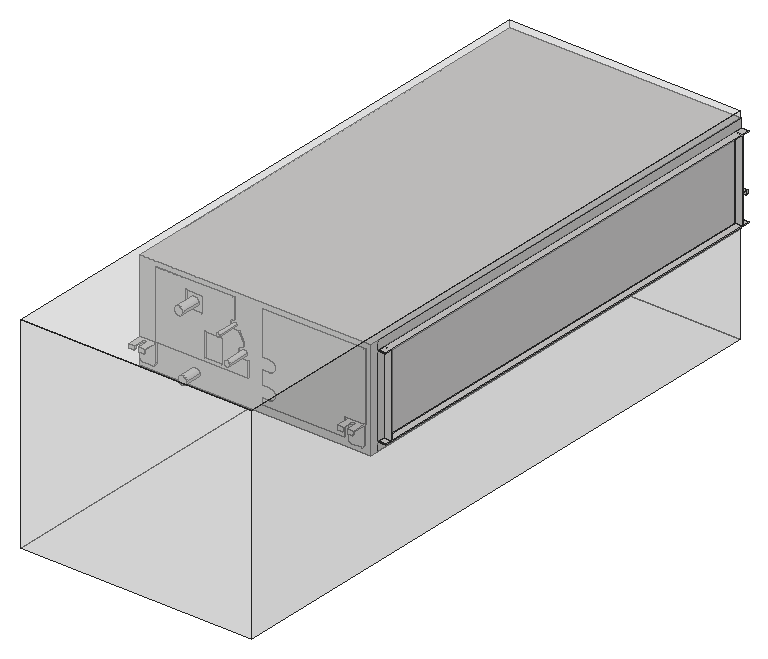
Revit family "outputfile", category 機械設備, Revit 2024
Family settings
  丸型コネクタ寸法 = 半径を使用
  パーツ タイプ = 標準
  OmniClass 番号 = 23.75.10.24.21.27.27
  OmniClass タイトル = Split System Air Conditioning Units
  作業面ベース = いいえ
  常に垂直 = はい
  ロード時にボイドで切り取り = いいえ
  注釈の向きを維持 = いいえ
  共有 = いいえ
  部屋計算ポイント = はい
Parameters (values of type "FDMA125AV1A")
  Description = ""
  製造元 = "Daikin"
  書き出し IFC クラス(タイプ) = "IfcUnitaryEquipmentType"
  定義済み IFC タイプ(タイプ) = "AIRCONDITIONINGUNIT"
  Cost = 0
  モデル = "FDMA125AV1A"
  Type Comments = ""
  Keynote = ""
  Type Image = (empty or 0)
  Assembly Code = ""
  switch_frequency = yes
  r_Liquid Pipe Size = Liquid Pipe Size / 2  # 4.75 mm
  r_Gas Pipe Size = Gas Pipe Size / 2  # 7.95 mm
  r_Drain Pipe Size = Drain Pipe Size / 2  # 12.5 mm
  lw_power = 395.0 mm  # constant formula
  lw_mountinghole1 = if(Depth = 1000.0 mm, 27.0 mm, if(Depth = 1400.0 mm, 28.0 mm, 27.0 mm))  # 28.0 mm
  lh_SA = 165.0 mm  # constant formula
  lw_SA = if(Depth = 550.0 mm, 225.0 mm, if(Depth = 700.0 mm, 300.0 mm, if(Depth = 1000.0 mm, 435.0 mm, if(Depth = 1400.0 mm, 635.0 mm, 725.0 mm))))  # 635.0 mm
  lw_RA = if(Depth = 550.0 mm, 275.0 mm, if(Depth = 700.0 mm, 349.0 mm, if(Depth = 1000.0 mm, 513.0 mm, if(Depth = 1400.0 mm, 713.0 mm, 775.0 mm))))  # 713.0 mm
  lh_power = 60.0 mm + [h***]  # 60.0 mm
  lh_mountinghole1 = lh_mountinghole + [h***]  # 80.0 mm
  lh_RA = 150.0 mm  # constant formula
  ld_power = Depth / 2  # 700.0 mm
  connector_voltage = Voltage_50Hz  # 230 V
  connector_powerinput = [Power Input (Cooling)]  # 3.770 kW
  connector_phase = Phase_50Hz  # 1
  Voltage_comment_50Hz = "220 - 240"
  Voltage_50Hz = 230 V
  URL = ""
  Total Heating Capacity [instance] = 0.000 kW
  Supply Air Direction [instance] = yes
  Sound Power Level_H speed (dB) = 57
  Power Input (Heating) = 4.050 kW
  Phase_50Hz = 1
  Nominal Heating Capacity = 15.000 kW
  Minimum External Static Pressure = 50.00 Pa
  Minimum Circuit Amps_50Hz = 0.0 A
  Maximum Fuse Amps_50Hz = 0.0 A
  Maximum External Static Pressure = 200.00 Pa
  Material_Casing = DAIKIN_GalvanizedSteel_Casing_indoorunit
  lw_mountinghole = 631.0 mm  # constant formula
  lh_gaspipe = 144.0 mm + [h***]  # 144.0 mm
  lh_mountinghole = 80.0 mm  # constant formula
  lh_liquidpipe = 212.0 mm + [h***]  # 212.0 mm
  lh_drainpipe = 232.0 mm + [h***]  # 232.0 mm
  lh_antena = Height - lh_mountinghole + 1.0 mm  # 221.0 mm
  ld_drainpipe = Depth / 2 + 59.0 mm  # 759.0 mm
  ld_liquidpipe = Depth / 2 + 65.0 mm  # 765.0 mm
  ld_gaspipe = Depth / 2 + 65.0 mm  # 765.0 mm
  ld_mountinghole = Depth + 38.0 mm  # 1438.0 mm
  h*** = 0.0 mm  # constant formula
  lw_liquidpipe = 290.0 mm  # constant formula
  lw_gaspipe = 290.0 mm + 28.0 mm  # 318.0 mm
  lw_drainpipe = 167.0 mm  # constant formula
  Width = 700.0 mm
  Version = "ver.1.0"
  Unit Type = "Duct"
  Unit Mass Weight = 95.00 kg
  Unit Designation [instance] = ""
  Uniclass2015Version = "Products v1.30"
  Uniclass2015Title = "Split coil room air conditioning units"
  Uniclass2015Code = "Pr_70_65_03_86"
  Total Cooling Capacity [instance] = 0.000 kW
  Sound Pressure Level_M speed (dBA) = 38
  Sound Pressure Level_L speed (dBA) = 36
  Sound Pressure Level_H speed (dBA) = 40
  Series = "SkyAir_Fan Coil Unit"
  Sensible Cooling Capacity [instance] = 0.000 kW
  SA Duct Size Width = 1160.0 mm
  SA Duct Size Height = 215.0 mm
  Refrigerant Type = "R32"
  RA Duct Size Width = 1325.0 mm
  RA Duct Size Height = 247.0 mm
  Power Input (Cooling) = 3.770 kW
  Option Accessory 3 [instance] = ""
  Option Accessory 2 [instance] = ""
  Option Accessory 1 [instance] = ""
  Nominal Cooling Capacity = 12.500 kW
  Minimum Airflow = 1680.00 m³/h
  Median Airflow = 2010.00 m³/h
  Maximum Airflow = 2340.00 m³/h
  Load Classification = HVAC
  Liquid Pipe Size = 9.5 mm
  Link_Nested Family [instance] = ""
  IfcVersion = ""
  IfcExportType = "AIRCONDITIONINGUNIT"
  IfcExportAs = "IfcUnitaryEquipmentType"
  Height = 300.0 mm
  Heating Entering Wet Bulb Temperature [instance] = -273.15 °C
  Heating Entering Dry Bulb Temperature [instance] = -273.15 °C
  Heating Ambient Wet Bulb Temperature [instance] = -273.15 °C
  Heating Ambient Dry Bulb Temperature [instance] = -273.15 °C
  Heat Exchanger Type = "Cross Fin Coil"
  Gas Pipe Size = 15.9 mm
  Frequency_50Hz = 50 Hz
  Fan Type = "Sirocco Fan"
  Fan Drive = "-"
  FCU Tag No. [instance] = ""
  Drain Pipe Size = 25.0 mm
  Design Supply Airflow [instance] = 0.00 m³/h
  Design Return Airflow [instance] = 0.00 m³/h
  Design External Static Pressure [instance] = 0.00 Pa
  Depth = 1400.0 mm
  既定の高さ = 0.0 mm
  Cooling Entering Wet Bulb Temperature [instance] = 0.00 °C
  Cooling Entering Dry Bulb Temperature [instance] = 0.00 °C
  Cooling Ambient Wet Bulb Temperature [instance] = 0.00 °C
  Cooling Ambient Dry Bulb Temperature [instance] = 0.00 °C
  Clearance visibility [instance] = yes
  Clearance Top = 20.0 mm
  Clearance Right = 0.0 mm
  Clearance Rear = 0.0 mm
  Clearance Left = 0.0 mm
  Clearance Front = 450.0 mm
  Clearance Bottom = 300.0 mm
Reference planes
  plane 1 "Center (Front/Back)": y = 0
  plane 2 "h": z = 0
  plane 3 "Center (Left/Right)": x = 0
  plane 4 "Back": y = 700
  plane 5 "Front": y = -700
  plane 6 "Left": x = -350
  plane 7 "Right": x = 350
  plane 8 "Top": z = 0
  plane 9 "Bottom": z = -300
  plane 10: y = -215
  plane 11: y = 700
  plane 12: y = -1150
  plane 13: x = -350
  plane 14: x = 350
  plane 15: z = 20
  plane 16: z = -600
  plane 17: x = -350
  plane 18: x = -349
  plane 19: x = 349
  plane 20: y = 65
  plane 21: y = 13
  plane 22: z = -150
  plane 23: y = -701
  plane 24: z = -88
  plane 25: x = -60
  plane 26: y = -765
  plane 27: z = -156
  plane 28: x = -32
  plane 29: y = -759
  plane 30: z = -68
  plane 31: x = -183
  plane 32: x = -183
  plane 33: x = -60
  plane 34: x = -32
  plane 35: x = 45
  plane 36: x = -322
  plane 37: x = 309
  plane 38: y = -719
  plane 39: y = 719
  plane 40: z = -220
  plane 41: z = -135
  plane 42: y = -765
  plane 43: y = -376
  plane 44: y = -699
  plane 45: x = -373
  plane 46: x = 373
  plane 47: y = -749
Forms (mm)
  Extrusion 1, solid, material "DAIKIN_GalvanizedSteel_Casing_indoorunit" <- "Material_Casing"
    sketch origin (0, 0, 0) x (1, 0, 0) y (0, 1, 0)
      loop
        line (-349, 700) -> (-349, -700) -> (349, -700) -> (349, 700) -> (-349, 700)
    from -300 to 0
  Extrusion 2, solid, material "DAIKIN_GalvanizedSteel_Casing_indoorunit" <- "Material_Casing"
    sketch origin (0, 0, 0) x (1, 0, 0) y (0, 0, 1)
      loop
        line (-298.499, -219) -> (-20, -219) -> (-20, -172.5) -> (-37.831, -172.5)
        arc (-37.831, -172.5) -> (-49.389, -154.034) -> (-34, -138.615) r 17.5
        line (-34, -138.615) -> (-34, -127.5) -> (-47, -100.5) -> (-63.571, -100.5)
        arc (-63.571, -100.5) -> (-72.874, -86.197) -> (-60, -75) r 13
        line (-60, -75) -> (-60, -14) -> (-298.499, -14) -> (-298.499, -219)
      loop
        line (-158.5, -43.5) -> (-207.5, -43.5) -> (-207.5, -92.5) -> (-158.5, -92.5) -> (-158.5, -43.5)
      loop
        line (-150.563, -137.796) -> (-150.563, -209.857) -> (-96.517, -209.857) -> (-96.517, -137.796) -> (-150.563, -137.796)
    from 700 to 701
  Extrusion 3, solid, material "DAIKIN_GalvanizedSteel_Casing_indoorunit" <- "Material_Casing"
    sketch origin (0, 0, 0) x (1, 0, 0) y (0, 0, 1)
      loop
        line (23.104, -274.802) -> (272.104, -274.802) -> (272.104, -219.802) -> (335, -219.802) -> (335, -15.8) -> (23.104, -15.8) -> (23.104, -146.302) -> (46.104, -146.302)
        arc (46.104, -146.302) -> (63.604, -163.802) -> (46.104, -181.302) r 17.5
        line (46.104, -181.302) -> (23.104, -181.302) -> (23.104, -222.302) -> (46.104, -222.302)
        arc (46.104, -222.302) -> (63.604, -239.802) -> (46.104, -257.302) r 17.5
        line (46.104, -257.302) -> (23.104, -257.302) -> (23.104, -274.802)
    from 700 to 701
  Extrusion 4, solid, material "DAIKIN_GalvanizedSteel_Casing_indoorunit" <- "Material_Casing"
    sketch origin (0, 0, 0) x (1, 0, 0) y (0, 0, 1)
      loop
        circle (-60, -88) r 4.75
    from 700 to 765
  Extrusion 5, solid, material "DAIKIN_GalvanizedSteel_Casing_indoorunit" <- "Material_Casing"
    sketch origin (0, 0, 0) x (1, 0, 0) y (0, 0, 1)
      loop
        circle (-32, -156) r 7.95
    from 700 to 765
  Extrusion 6, solid, material "DAIKIN_GalvanizedSteel_Casing_indoorunit" <- "Material_Casing"
    sketch origin (0, 0, 0) x (1, 0, 0) y (0, 0, 1)
      loop
        circle (-183, -68) r 12.5
    from 700 to 759
  Extrusion 7, solid, material "DAIKIN_GalvanizedSteel_Casing_indoorunit" <- "Material_Casing"
    sketch origin (0, 0, 0) x (1, 0, 0) y (0, 0, 1)
      loop
        circle (-180, -260) r 12.5
    from 700 to 749
Dimensions and locks
  "Height": plane 8 "Top" to plane 9 "Bottom"
  equal spacing: plane 4 "Back", plane 1 "Center (Front/Back)", plane 5 "Front"
  "Depth": plane 4 "Back" to plane 5 "Front"
  equal spacing: plane 6 "Left", plane 3 "Center (Left/Right)", plane 7 "Right"
  "Width": plane 6 "Left" to plane 7 "Right"
  "Clearance Left": plane 13 to plane 6 "Left"
  "Clearance Right": plane 7 "Right" to plane 14
  "Clearance Rear": plane 11 to plane 4 "Back"
  "Clearance Front": plane 5 "Front" to plane 12
  "Clearance Top": plane 15 to plane 8 "Top"
  "Clearance Bottom": plane 9 "Bottom" to plane 16
  locked: plane 17 to plane 18 at 1
  locked: plane 19 to plane 14 at 1
  "lw_RA": plane 21 to plane 5 "Front"
  "lh_RA": plane 22 to plane 9 "Bottom"
  locked: plane 5 "Front" to plane 23 at 1
  "lw_liquidpipe": plane 25 to plane 6 "Left"
  "lh_liquidpipe": plane 24 to plane 9 "Bottom"
  "lh_gaspipe": plane 27 to plane 9 "Bottom"
  "lw_gaspipe": plane 28 to plane 6 "Left"
  "ld_gaspipe": plane 26 to plane 1 "Center (Front/Back)"
  "ld_drainpipe": plane 29 to plane 1 "Center (Front/Back)"
  "lh_drainpipe": plane 30 to plane 9 "Bottom"
  "lw_drainpipe": plane 31 to plane 6 "Left"
  "lw_drainpipe": plane 6 "Left" to plane 32
  "lw_liquidpipe": plane 6 "Left" to plane 33
  "lw_gaspipe": plane 6 "Left" to plane 34
  "lw_power": plane 6 "Left" to plane 35
  "lw_mountinghole1": plane 17 to plane 36
  "lw_mountinghole": plane 36 to plane 37
  equal spacing: plane 38, plane 1 "Center (Front/Back)", plane 39
  "ld_mountinghole": plane 39 to plane 38
  "lh_mountinghole": plane 40 to plane 9 "Bottom"
  "lh_SA": plane 41 to plane 9 "Bottom"
  locked: plane 44 to plane 5 "Front" at 1
  locked: plane 45 to plane 17 at 23
  locked: plane 14 to plane 46 at 23
  "ld_liquidpipe": plane 42 to plane 1 "Center (Front/Back)"
  locked: Extrusion 7 sketch curve to plane 18 at 169
  locked: Extrusion 7 sketch curve to plane 9 "Bottom" at 40
  locked: Extrusion 2 sketch curve to Extrusion 2 sketch curve at 205
  locked: Extrusion 2 sketch curve to Extrusion 2 sketch curve at 86.5
  locked: Extrusion 2 sketch curve to Extrusion 2 sketch curve at 72
  locked: Extrusion 2 sketch curve to Extrusion 2 sketch curve at 49  (x2)
  locked: Extrusion 2 sketch curve to Extrusion 2 sketch curve at 29.5
  locked: Extrusion 2 sketch curve to Extrusion 2 sketch curve at 72.061
  locked: Extrusion 2 sketch curve to Extrusion 2 sketch curve at 54.046
  locked: Extrusion 2 sketch curve to Extrusion 2 sketch curve at 98.5
  Extrusion 2 sketch curve to connector elem = 40.0 mm
  locked: Extrusion 2 sketch curve to Extrusion 2 sketch curve at 9.143
  locked: Extrusion 2 sketch curve to plane 18 at 50.501
  locked: plane 5 "Front" to plane 47 at 49
  "lw_SA": plane 4 "Back" to plane 20
  "r_Liquid Pipe Size": radius of Extrusion 4 sketch curve
  "r_Gas Pipe Size": radius of Extrusion 5 sketch curve
  "r_Drain Pipe Size": radius of Extrusion 6 sketch curve
  aligned and locked: level to plane 2 "h"
  aligned and locked: plane 8 "Top" to Extrusion 1
  aligned and locked: Extrusion 1 to plane 9 "Bottom"
  aligned and locked: nested 5 to plane 12
  aligned and locked: plane 13 to nested 5
  aligned and locked: plane 14 to nested 5
  aligned and locked: nested 5 to plane 13
  aligned and locked: plane 11 to nested 5
  aligned and locked: plane 15 to nested 5
  aligned and locked: plane 16 to nested 5
  aligned and locked: plane 5 "Front" to Extrusion 1 sketch curve
  aligned and locked: Extrusion 1 to plane 18
  aligned and locked: plane 19 to Extrusion 1
  aligned and locked: nested 7 to plane 18
  aligned and locked: nested 7 to plane 20
  aligned and locked: plane 19 to nested 8
  aligned and locked: plane 21 to nested 8
  aligned and locked: plane 22 to nested 8
  aligned and locked: Extrusion 2 to plane 23
  aligned and locked: plane 5 "Front" to Extrusion 2
  aligned and locked: plane 5 "Front" to Extrusion 3
  aligned and locked: Extrusion 4 sketch curve to plane 25
  aligned and locked: plane 24 to Extrusion 4 sketch curve
  aligned and locked: plane 5 "Front" to Extrusion 4
  aligned and locked: Extrusion 5 sketch curve to plane 28
  aligned and locked: plane 27 to Extrusion 5 sketch curve
  aligned and locked: plane 5 "Front" to Extrusion 5
  aligned and locked: Extrusion 6 sketch curve to plane 31
  aligned and locked: Extrusion 6 sketch curve to plane 30
  aligned and locked: Extrusion 6 to plane 29
  aligned and locked: nested 3 to plane 29
  aligned and locked: nested 3 to plane 32
  aligned and locked: nested 2 to plane 33
  aligned and locked: nested 1 to plane 34
  aligned and locked: Extrusion 5 to plane 26
  aligned and locked: nested 1 to plane 26
  aligned and locked: nested 6 to plane 5 "Front"
  aligned and locked: nested 6 to plane 35
  aligned and locked: plane 36 to nested 10
  aligned and locked: nested 10 to plane 5 "Front"
  aligned and locked: plane 37 to nested 9
  aligned and locked: nested 9 to plane 5 "Front"
  aligned and locked: nested 11 to plane 36
  aligned and locked: plane 4 "Back" to nested 11
  aligned and locked: nested 12 to plane 37
  aligned and locked: plane 4 "Back" to nested 12
  aligned and locked: plane 40 to nested 10
  aligned and locked: plane 40 to nested 11
  aligned and locked: plane 40 to nested 9
  aligned and locked: plane 40 to nested 12
  aligned and locked: plane 36 to nested 14
  aligned and locked: nested 14 to plane 39
  aligned and locked: plane 37 to nested 13
  aligned and locked: nested 13 to plane 39
  aligned and locked: plane 37 to nested 16
  aligned and locked: plane 38 to nested 16
  aligned and locked: plane 38 to nested 15
  aligned and locked: plane 36 to nested 15
  aligned and locked: plane 17 to plane 6 "Left"
  aligned and locked: plane 41 to nested 7
  aligned and locked: Extrusion 4 to plane 42
  aligned and locked: nested 2 to plane 42
  aligned and locked: Extrusion 3 to plane 23
  aligned and locked: nested 17 to plane 20
  aligned and locked: nested 17 to plane 45
  aligned and locked: plane 21 to nested 18
  aligned and locked: plane 46 to nested 18
  aligned and locked: plane 41 to nested 17
  aligned and locked: nested 18 to plane 22
  aligned and locked: nested 4 to plane 3 "Center (Left/Right)"
  aligned and locked: plane 1 "Center (Front/Back)" to nested 4
  aligned and locked: level to plane 8 "Top"
  aligned and locked: plane 5 "Front" to Extrusion 6
  aligned and locked: plane 5 "Front" to Extrusion 7
  aligned and locked: Extrusion 7 to plane 47
Automatic sketch dimensions
  plane 6 "Left" to Extrusion 1 sketch curve = 1.0 mm
  Extrusion 1 sketch curve to plane 7 "Right" = 1.0 mm
  Extrusion 1 sketch curve to plane 4 "Back" = 0.0 mm
  Extrusion 2 sketch curve to Extrusion 2 sketch curve = 13.0 mm
  Extrusion 2 sketch curve to Extrusion 2 sketch curve = 16.571 mm
  plane 41 to Extrusion 2 sketch curve = 7.5 mm
  Extrusion 2 sketch curve to plane 41 = 3.615 mm
  Extrusion 2 sketch curve to Extrusion 2 sketch curve = 2.0 mm
  Extrusion 2 sketch curve to Extrusion 2 sketch curve = 5.831 mm
  plane 40 to Extrusion 2 sketch curve = 1.0 mm
  Extrusion 2 sketch curve to Extrusion 2 sketch curve = 12.5 mm
  Extrusion 2 sketch curve to plane 33 = 90.563 mm
  plane 3 "Center (Left/Right)" to Extrusion 3 sketch curve = 23.104 mm
  Extrusion 3 sketch curve to level = 15.8 mm
  Extrusion 3 sketch curve to plane 19 = 14.0 mm
  plane 40 to Extrusion 3 sketch curve = 0.198 mm
  Extrusion 3 sketch curve to plane 37 = 36.896 mm
  plane 9 "Bottom" to Extrusion 3 sketch curve = 25.198 mm  (x2)
  Extrusion 2 sketch curve to plane 33 = 147.5 mm
  Extrusion 2 sketch curve to Extrusion 2 sketch curve = 17.831 mm
  plane 35 to Extrusion 3 sketch curve = 1.104 mm  (x2)
  plane 22 to Extrusion 3 sketch curve = 3.698 mm
  Extrusion 3 sketch curve to plane 40 = 2.302 mm
  Extrusion 3 sketch curve to Extrusion 3 sketch curve = 17.5 mm
  Extrusion 3 sketch curve to plane 22 = 31.302 mm
  Extrusion 3 sketch curve to plane 35 = 21.896 mm
  Extrusion 3 sketch curve to Extrusion 3 sketch curve = 0.0 mm
  radius of Extrusion 7 sketch curve = 12.5 mm
Nested families
  nested 1: "daikin_connector_rotate2" at (-32, 0, -156), length <- "ld_gaspipe", built-in parameter 1001364 <- "lh_gaspipe", radius <- "r_Gas Pipe Size", type "daikin_connector_rotate2"
    with radius 7.95 mm, length 765.0 mm, angle_vertical 90.00°
  nested 2: "daikin_connector_rotate2" at (-60, 0, -88), length <- "ld_liquidpipe", built-in parameter 1001364 <- "lh_liquidpipe", radius <- "r_Liquid Pipe Size", type "daikin_connector_rotate2"
    with radius 4.75 mm, length 765.0 mm, angle_vertical 90.00°
  nested 3: "daikin_connector_rotate2" at (-183, 0, -68), length <- "ld_drainpipe", built-in parameter 1001364 <- "lh_drainpipe", radius <- "r_Drain Pipe Size", type "daikin_connector_rotate2"
    with radius 12.5 mm, length 759.0 mm, angle_vertical 90.00°
  nested 4: "daikin_△_symbolicline" at (0, 0, 300) x (0, -1, 0) z (0, 0, 1), built-in parameter 1001364 <- "Height", visible <- "Supply Air Direction", type "daikin_△_symbolicline"
    with length 200.0 mm
  nested 5: "daikin_clearancespace" at (0, -225, -289.881), visible <- "Clearance visibility", show <- "Clearance visibility", Link_Nested Family <- "Link_Nested Family", type "daikin_clearancespace"
    with width 700.0 mm, show yes, height 620.0 mm, depth 1850.0 mm, Link_Nested Family ""
  nested 6: "daikin_connector_rotate2" at (45, 0, -240), built-in parameter 1001364 <- "lh_power", length <- "ld_power", type "daikin_connector_rotate2"
    with radius 10.0 mm, length 700.0 mm, angle_vertical 90.00°
  nested 7: "daikin_ductflange_FDMA-AV1A2" at (-349, 65, -135) x (0, -1, 0) z (0, 0, 1), type "daikin_ductflange_FDMA-AV1A2"
    with width 1160.0 mm, w 1400.0 mm
  nested 8: "daikin_ductflange_FDMA-AV1A" at (349, 13, -150) x (0, 1, 0) z (0, 0, 1), type "daikin_ductflange_FDMA-AV1A"
    with width 1325.0 mm, w 1400.0 mm
  nested 9: "daikin_hangerfixture_FDMA-AV1A" at (309, -700, -220), type "daikin_hangerfixture_FDMA-AV1A"
  nested 10: "daikin_hangerfixture_FDMA-AV1A" at (-322, -700, -220), type "daikin_hangerfixture_FDMA-AV1A"
  nested 11: "daikin_hangerfixture_FDMA-AV1A" at (-322, 700, -220) x (-1, 0, 0) z (0, 0, 1), type "daikin_hangerfixture_FDMA-AV1A"
  nested 12: "daikin_hangerfixture_FDMA-AV1A" at (309, 700, -220) x (-1, 0, 0) z (0, 0, 1), type "daikin_hangerfixture_FDMA-AV1A"
  nested 13: "daikin_mountinghole" at (309, 719, -300), h_mountinghole <- "lh_mountinghole1", l_antenna <- "lh_antena", Link_Nested Family <- "Link_Nested Family", type "daikin_mountinghole"
    with show yes, l_antenna 221.0 mm, h_mountinghole 80.0 mm, Link_Nested Family ""
  nested 14: "daikin_mountinghole" at (-322, 719, -300), h_mountinghole <- "lh_mountinghole1", l_antenna <- "lh_antena", Link_Nested Family <- "Link_Nested Family", type "daikin_mountinghole"
    with show yes, l_antenna 221.0 mm, h_mountinghole 80.0 mm, Link_Nested Family ""
  nested 15: "daikin_mountinghole" at (-322, -719, -300), h_mountinghole <- "lh_mountinghole1", l_antenna <- "lh_antena", Link_Nested Family <- "Link_Nested Family", type "daikin_mountinghole"
    with show yes, l_antenna 221.0 mm, h_mountinghole 80.0 mm, Link_Nested Family ""
  nested 16: "daikin_mountinghole" at (309, -719, -300), h_mountinghole <- "lh_mountinghole1", l_antenna <- "lh_antena", Link_Nested Family <- "Link_Nested Family", type "daikin_mountinghole"
    with show yes, l_antenna 221.0 mm, h_mountinghole 80.0 mm, Link_Nested Family ""
  nested 17: "daikin_connector_rotate2" at (-349, 65, -135) x (0, -1, 0) z (0, 0, 1), type "daikin_connector_rotate2"
    with radius 10.0 mm, length 24.0 mm, angle_vertical 90.00°
  nested 18: "daikin_connector_rotate2" at (349, 13, -150) x (0, 1, 0) z (0, 0, 1), type "daikin_connector_rotate2"
    with radius 10.0 mm, length 24.0 mm, angle_vertical 90.00°
Connectors
  piping at (-183, -759, -68), diameter 25, driven by "r_Drain Pipe Size"
    settings: on nested 3, index 3, connector inside diameter 609.6 mm, connector length 0.0 mm, flow factor 0, pipe flow 0.00 m³/h, pressure drop 0.0 Pa, fitting loss kfactor 0, connector angle 0.00°, fixture units 0, engagement length 0.0 mm, angle of deflection 0.00°, flow configuration 1, flow direction 2, fitting loss method 4, system type 16, joint type 0, gender type 0, connector reference index -1, connector utility 0, adjustable connector no, is connector primary yes, connector description "Condensate Drain Piping"
  piping at (-32, -765, -156), diameter 15.9, driven by "r_Gas Pipe Size"
    settings: on nested 1, index 4, connector inside diameter 609.6 mm, connector length 0.0 mm, flow factor 0, pipe flow 0.00 m³/h, pressure drop 0.0 Pa, fitting loss kfactor 0, connector angle 0.00°, fixture units 0, engagement length 0.0 mm, angle of deflection 0.00°, flow configuration 1, flow direction 2, fitting loss method 0, system type 29, joint type 0, gender type 0, connector reference index -1, connector utility 0, adjustable connector no, is connector primary no, connector description "Refrigerant Gas Piping"
  piping at (-60, -765, -88), diameter 9.5, driven by "r_Liquid Pipe Size"
    settings: on nested 2, index 5, connector inside diameter 609.6 mm, connector length 0.0 mm, flow factor 0, pipe flow 0.00 m³/h, pressure drop 0.0 Pa, fitting loss kfactor 0, connector angle 0.00°, fixture units 0, engagement length 0.0 mm, angle of deflection 0.00°, flow configuration 1, flow direction 1, fitting loss method 0, system type 29, joint type 0, gender type 0, connector reference index -1, connector utility 0, adjustable connector no, is connector primary no, connector description "Refrigerant Liquid Piping"
  electrical at (45, -700, -240), driven by "Load Classification", driven by "connector_phase", driven by "connector_powerinput", driven by "connector_voltage"
    settings: on nested 6, index 6, voltage 230 V, apparent load 3770 VA, apparent load phase1 0 VA, apparent load phase2 0 VA, apparent load phase3 0 VA, power factor 1, load classification "HVAC", number of poles 1, system type 30, power factor state 1, is connector primary yes, connector utility no, sub classification motor no, connector description "Power Supply"
  hvac at (-373, 65, -135), driven by "SA Duct Size Height", driven by "SA Duct Size Width"
    settings: on nested 17, index 7, duct flow 0.00 m³/h, flow factor 0, pres drop 0.00 Pa, loss coef 0, conn angle 0.00°, conn width 1160.0 mm, conn height 215.0 mm, conn diameter 609.6 mm, duct sys type 1, conn prof type 1, flow config 0, flow direction 2, loss method 4, conn ref index -1, conn util no, is conn primary yes, conn desc "SA Duct"
  hvac at (373, 13, -150), driven by "RA Duct Size Height", driven by "RA Duct Size Width"
    settings: on nested 18, index 8, duct flow 0.00 m³/h, flow factor 0, pres drop 0.00 Pa, loss coef 0, conn angle 0.00°, conn width 1325.0 mm, conn height 247.0 mm, conn diameter 609.6 mm, duct sys type 2, conn prof type 1, flow config 0, flow direction 1, loss method 4, conn ref index -1, conn util no, is conn primary no, conn desc "RA Duct"
Definition of nested family "daikin_clearancespace"
  Parameters (values of type "daikin_clearancespace")
    Description = "daikin_clearancespace"
    width [instance] = 1823.963 mm
    show [instance] = yes
    material = none
    height [instance] = 1359.762 mm
    depth [instance] = 880.0 mm
    Default Elevation = 0.0 mm
    Link_Nested Family [instance] = ""
  Reference planes
    plane 1 "Center (Front/Back)": y = 0
    plane 2 "Center (Elevation)": z = -0.119
    plane 3 "Center (Left/Right)": x = 0
    plane 4: y = 440
    plane 5: y = -440
    plane 6 "Right": x = 911.982
    plane 7 "Left": x = -911.982
    plane 8 "Top": z = 679.762
    plane 9 "Bottom": z = -680
  Forms (mm)
    Extrusion 1, solid, material <- "material", visible <- "show"
      sketch origin (0, 0, 0) x (1, 0, 0) y (0, 1, 0)
        loop
          line (-911.982, 440) -> (-911.982, -440) -> (911.982, -440) -> (911.982, 440) -> (-911.982, 440)
      from -680 to 679.762
  Lines and regions (mm)
    symbolic lines, visible <- "show"
      curve 1: line (911.982, 440, 0) -> (-911.982, 440, 0)
      curve 2: line (-911.982, 440, 0) -> (-911.982, -440, 0)
      curve 3: line (-911.982, -440, 0) -> (911.982, -440, 0)
      curve 4: line (911.982, -440, 0) -> (911.982, 440, 0)
      curve 5: line (911.982, 0, 679.762) -> (-911.982, 0, 679.762)
      curve 6: line (911.982, 0, -680) -> (911.982, 0, 679.762)
      curve 7: line (-911.982, 0, -680) -> (911.982, 0, -680)
      curve 8: line (-911.982, 0, 679.762) -> (-911.982, 0, -680)
      curve 9: line (0, 440, 679.762) -> (0, -440, 679.762)
      curve 10: line (0, -440, 679.762) -> (0, -440, -680)
      curve 11: line (0, 440, -680) -> (0, 440, 679.762)
      curve 12: line (0, -440, -680) -> (0, 440, -680)
  Dimensions and locks
    "width": plane 7 "Left" to plane 6 "Right"
    "depth": plane 4 to plane 5
    "height": plane 8 "Top" to plane 9 "Bottom"
    equal spacing: plane 7 "Left", plane 3 "Center (Left/Right)", plane 6 "Right"
    equal spacing: plane 4, plane 1 "Center (Front/Back)", plane 5
    equal spacing: plane 8 "Top", plane 2 "Center (Elevation)", plane 9 "Bottom"
    aligned and locked: level to plane 2 "Center (Elevation)"
    aligned and locked: Extrusion 1 sketch curve to plane 4
    aligned and locked: plane 7 "Left" to Extrusion 1 sketch curve
    aligned and locked: Extrusion 1 sketch curve to plane 5
    aligned and locked: Extrusion 1 sketch curve to plane 6 "Right"
    aligned and locked: plane 8 "Top" to Extrusion 1
    aligned and locked: curve 1 to Extrusion 1
    aligned and locked: curve 2 to Extrusion 1
    aligned and locked: curve 3 to Extrusion 1
    aligned and locked: curve 4 to Extrusion 1
    aligned and locked: curve 5 to Extrusion 1
    aligned and locked: curve 6 to Extrusion 1
    aligned and locked: curve 7 to Extrusion 1
    aligned and locked: curve 8 to Extrusion 1
    aligned and locked: curve 9 to Extrusion 1
    aligned and locked: curve 10 to Extrusion 1
    aligned and locked: curve 11 to Extrusion 1
    aligned and locked: curve 12 to Extrusion 1
    aligned and locked: Extrusion 1 to plane 9 "Bottom"
Definition of nested family "daikin_ductflange_FDMA-AV1A2"
  Parameters (values of type "daikin_ductflange_FBFC-DVM92")
    width = if(w = 550.0 mm, 337.0 mm, if(w = 700.0 mm, 492.0 mm, if(w = 1000.0 mm, 760.0 mm, if(w = 1400.0 mm, 1160.0 mm, 1337.0 mm))))  # 760.0 mm
    material = none
    height = 215.0 mm
    depth = 1.0 mm
    w = 1000.0 mm
    Default Elevation = 0.0 mm
  Reference planes
    plane 1 "Center (Front/Back)": y = 0
    plane 2: z = 0
    plane 3 "Center (Left/Right)": x = 0
    plane 4: z = 107.5
    plane 5: z = -107.5
    plane 6: y = -24
    plane 7: z = 132.5
    plane 8: z = 108.5
    plane 9: y = -1
    plane 10: x = -402.5
    plane 11: x = 402.5
    plane 12: z = -132.5
    plane 13: z = -108.5
    plane 14: y = -1
    plane 15: x = 380
    plane 16: x = -380
    plane 17: x = 381
    plane 18: z = 106.5
    plane 19: z = -106.5
    plane 20: x = -381
    plane 21: z = 106.5
    plane 22: z = -106.5
    plane 23: y = -1
  Forms (mm)
    Extrusion 1, solid, material <- "material"
      sketch origin (0, 0, 0) x (0, 1, 0) y (0, 0, 1)
        loop
          line (-24, 107.5) -> (0, 107.5) -> (0, 132.5) -> (-1, 132.5) -> (-1, 108.5) -> (-24, 108.5) -> (-24, 107.5)
      from -402.5 to 402.5
    Extrusion 2, solid, material <- "material"
      sketch origin (0, 0, 0) x (0, 1, 0) y (0, 0, 1)
        loop
          line (-24, -107.5) -> (-24, -108.5) -> (-1, -108.5) -> (-1, -132.5) -> (0, -132.5) -> (0, -107.5) -> (-24, -107.5)
      from -402.5 to 402.5
    Extrusion 3, solid, material <- "material"
      sketch origin (0, 0, 0) x (1, 0, 0) y (0, 0, 1)
        loop
          line (380, 107.5) -> (380, -107.5) -> (402.5, -107.5) -> (402.5, -106.5) -> (381, -106.5) -> (381, 106.5) -> (402.5, 106.5) -> (402.5, 107.5) -> (380, 107.5)
      from 0 to 24
    Extrusion 4, solid, material <- "material"
      sketch origin (0, 0, 0) x (1, 0, 0) y (0, 0, 1)
        loop
          line (-402.5, 107.5) -> (-402.5, 106.5) -> (-381, 106.5) -> (-381, -106.5) -> (-402.5, -106.5) -> (-402.5, -107.5) -> (-380, -107.5) -> (-380, 107.5) -> (-402.5, 107.5)
      from 0 to 24
    Extrusion 5, solid, material <- "material"
      sketch origin (0, 0, 0) x (1, 0, 0) y (0, 0, 1)
        loop
          line (-402.5, 107.5) -> (-402.5, -107.5) -> (-380, -107.5) -> (-380, 107.5) -> (-402.5, 107.5)
        loop
          line (402.5, 107.5) -> (380, 107.5) -> (380, -107.5) -> (402.5, -107.5) -> (402.5, 107.5)
      from 0 to 1
  Cuts and joins
    joined: Extrusion 1, Extrusion 2, Extrusion 3, Extrusion 4, Extrusion 5
  Dimensions and locks
    plane 4 to level to plane 5 = 107.5 mm, 107.5 mm
    locked: plane 6 to plane 1 "Center (Front/Back)" at 24
    locked: plane 9 to plane 1 "Center (Front/Back)" at 1
    locked: plane 8 to plane 4 at 1
    locked: plane 16 to plane 10 at 22.5
    locked: plane 17 to plane 15 at 1
    locked: plane 4 to plane 18 at 1
    locked: plane 19 to plane 5 at 1
    "width": plane 15 to plane 16
    plane 4 to plane 5 = 215.0 mm
    locked: plane 16 to plane 20 at 1
    locked: plane 4 to plane 21 at 1
    locked: plane 22 to plane 5 at 1
    locked: plane 23 to plane 1 "Center (Front/Back)" at 1
    plane 4 to level to plane 5 = 107.5 mm locked, 107.5 mm locked
    locked: plane 5 to plane 13 at 1
    locked: plane 5 to plane 12 at 25
    locked: plane 7 to plane 4 at 25
    equal spacing: plane 15, plane 3 "Center (Left/Right)", plane 16
    locked: plane 11 to plane 15 at 22.5
    plane 11 to plane 10 = 805.0 mm
    aligned and locked: level to plane 2
    aligned and locked: Extrusion 1 to plane 10
    aligned and locked: plane 11 to Extrusion 1
    aligned and locked: plane 5 to Extrusion 2
    aligned and locked: Extrusion 2 to plane 1 "Center (Front/Back)"
    aligned and locked: plane 15 to Extrusion 3 sketch curve
    aligned and locked: Extrusion 3 sketch curve to Extrusion 2  (x2)
    aligned and locked: Extrusion 3 sketch curve to plane 11
    aligned and locked: plane 6 to Extrusion 3
    aligned and locked: Extrusion 2 to plane 10
    aligned and locked: plane 11 to Extrusion 2
    aligned and locked: Extrusion 4 sketch curve to Extrusion 1  (x2)
    aligned and locked: plane 5 to Extrusion 4 sketch curve
    aligned and locked: Extrusion 4 sketch curve to plane 16
    aligned and locked: Extrusion 4 sketch curve to plane 22
    aligned and locked: plane 20 to Extrusion 4 sketch curve
    aligned and locked: plane 21 to Extrusion 4 sketch curve
    aligned and locked: Extrusion 4 to plane 1 "Center (Front/Back)"
    aligned and locked: plane 6 to Extrusion 4
    aligned and locked: Extrusion 5 sketch curve to Extrusion 1  (x4)
    aligned and locked: Extrusion 5 sketch curve to Extrusion 4  (x2)
    aligned and locked: Extrusion 5 sketch curve to Extrusion 3  (x2)
    aligned and locked: Extrusion 5 to plane 1 "Center (Front/Back)"
    aligned and locked: plane 23 to Extrusion 5
  Automatic sketch dimensions
    Extrusion 1 sketch curve to plane 6 = 0.0 mm
    Extrusion 1 sketch curve to plane 7 = 0.0 mm
    Extrusion 1 sketch curve to plane 9 = 0.0 mm
    Extrusion 1 sketch curve to plane 1 "Center (Front/Back)" = 0.0 mm
    Extrusion 1 sketch curve to plane 4 = 0.0 mm
    Extrusion 1 sketch curve to plane 8 = 0.0 mm
    Extrusion 2 sketch curve to plane 6 = 0.0 mm
    plane 12 to Extrusion 2 sketch curve = 0.0 mm
    Extrusion 2 sketch curve to plane 14 = 0.0 mm
    Extrusion 2 sketch curve to plane 1 "Center (Front/Back)" = 0.0 mm
    plane 13 to Extrusion 2 sketch curve = 0.0 mm
    Extrusion 2 sketch curve to plane 5 = 0.0 mm
    Extrusion 3 sketch curve to plane 17 = 0.0 mm
    Extrusion 3 sketch curve to plane 19 = 0.0 mm
    Extrusion 3 sketch curve to plane 18 = 0.0 mm
    Extrusion 3 sketch curve to plane 4 = 0.0 mm
    Extrusion 4 sketch curve to plane 10 = 0.0 mm
Definition of nested family "daikin_ductflange_FDMA-AV1A"
  Parameters (values of type "daikin_ductflange_FBFC-DVM9")
    width = if(w = 550.0 mm, 502.0 mm, if(w = 700.0 mm, 654.0 mm, if(w = 1000.0 mm, 925.0 mm, if(w = 1400.0 mm, 1325.0 mm, 1502.0 mm))))  # 925.0 mm
    material = none
    lw = if(width = 654.0 mm, 23.0 mm, 22.5 mm)  # 22.5 mm
    height = 247.0 mm
    depth = 1.0 mm
    w = 1000.0 mm
    Default Elevation = 0.0 mm
  Reference planes
    plane 1 "Center (Front/Back)": y = 0
    plane 2: z = 0
    plane 3 "Center (Left/Right)": x = 0
    plane 4: z = 123.5
    plane 5: z = -123.5
    plane 6: y = -24
    plane 7: z = 148.5
    plane 8: z = 124.5
    plane 9: y = -1
    plane 10: x = -485
    plane 11: x = 485
    plane 12: z = -149.5
    plane 13: z = -124.5
    plane 14: y = -1
    plane 15: x = 462.5
    plane 16: x = -462.5
    plane 17: x = 463.5
    plane 18: z = 122.5
    plane 19: z = -122.5
    plane 20: x = -463.5
    plane 21: z = 122.5
    plane 22: z = -122.5
    plane 23: y = -1
  Forms (mm)
    Extrusion 1, solid, material <- "material"
      sketch origin (0, 0, 0) x (0, 1, 0) y (0, 0, 1)
        loop
          line (-24, 123.5) -> (0, 123.5) -> (0, 148.5) -> (-1, 148.5) -> (-1, 124.5) -> (-24, 124.5) -> (-24, 123.5)
      from -485 to 485
    Extrusion 2, solid, material <- "material"
      sketch origin (0, 0, 0) x (0, 1, 0) y (0, 0, 1)
        loop
          line (-24, -123.5) -> (-24, -124.5) -> (-1, -124.5) -> (-1, -149.5) -> (0, -149.5) -> (0, -123.5) -> (-24, -123.5)
      from -485 to 485
    Extrusion 3, solid, material <- "material"
      sketch origin (0, 0, 0) x (1, 0, 0) y (0, 0, 1)
        loop
          line (462.5, 123.5) -> (462.5, -123.5) -> (485, -123.5) -> (485, -122.5) -> (463.5, -122.5) -> (463.5, 122.5) -> (485, 122.5) -> (485, 123.5) -> (462.5, 123.5)
      from 0 to 24
    Extrusion 4, solid, material <- "material"
      sketch origin (0, 0, 0) x (1, 0, 0) y (0, 0, 1)
        loop
          line (-485, 123.5) -> (-485, 122.5) -> (-463.5, 122.5) -> (-463.5, -122.5) -> (-485, -122.5) -> (-485, -123.5) -> (-462.5, -123.5) -> (-462.5, 123.5) -> (-485, 123.5)
      from 0 to 24
    Extrusion 5, solid, material <- "material"
      sketch origin (0, 0, 0) x (1, 0, 0) y (0, 0, 1)
        loop
          line (-485, 123.5) -> (-485, -123.5) -> (-462.5, -123.5) -> (-462.5, 123.5) -> (-485, 123.5)
        loop
          line (485, 123.5) -> (462.5, 123.5) -> (462.5, -123.5) -> (485, -123.5) -> (485, 123.5)
      from 0 to 1
  Cuts and joins
    joined: Extrusion 1, Extrusion 2, Extrusion 3, Extrusion 4, Extrusion 5
  Dimensions and locks
    plane 4 to level to plane 5 = 123.5 mm, 123.5 mm
    locked: plane 6 to plane 1 "Center (Front/Back)" at 24
    locked: plane 9 to plane 1 "Center (Front/Back)" at 1
    locked: plane 8 to plane 4 at 1
    "lw": plane 11 to plane 15
    "lw": plane 16 to plane 10
    locked: plane 17 to plane 15 at 1
    locked: plane 4 to plane 18 at 1
    locked: plane 19 to plane 5 at 1
    "width": plane 15 to plane 16
    equal spacing: plane 15, plane 3 "Center (Left/Right)", plane 16
    locked: plane 16 to plane 20 at 1
    locked: plane 4 to plane 21 at 1
    locked: plane 22 to plane 5 at 1
    locked: plane 23 to plane 1 "Center (Front/Back)" at 1
    locked: plane 7 to plane 4 at 25
    locked: plane 1 "Center (Front/Back)" to plane 14 at 1
    locked: plane 5 to plane 13 at 1
    "height": plane 4 to plane 5
    plane 11 to plane 10 = 970.0 mm
    locked: plane 12 to plane 13 at 25
    equal spacing: plane 4, level, plane 5
    aligned and locked: level to plane 2
    aligned and locked: Extrusion 1 to plane 10
    aligned and locked: plane 11 to Extrusion 1
    aligned and locked: plane 5 to Extrusion 2
    aligned and locked: Extrusion 2 to plane 1 "Center (Front/Back)"
    aligned and locked: plane 15 to Extrusion 3 sketch curve
    aligned and locked: Extrusion 3 sketch curve to Extrusion 2  (x2)
    aligned and locked: Extrusion 3 sketch curve to plane 11
    aligned and locked: plane 6 to Extrusion 3
    aligned and locked: Extrusion 2 to plane 10
    aligned and locked: plane 11 to Extrusion 2
    aligned and locked: Extrusion 4 sketch curve to Extrusion 1  (x2)
    aligned and locked: plane 5 to Extrusion 4 sketch curve
    aligned and locked: Extrusion 4 sketch curve to plane 16
    aligned and locked: Extrusion 4 sketch curve to plane 22
    aligned and locked: plane 20 to Extrusion 4 sketch curve
    aligned and locked: plane 21 to Extrusion 4 sketch curve
    aligned and locked: Extrusion 4 to plane 1 "Center (Front/Back)"
    aligned and locked: plane 6 to Extrusion 4
    aligned and locked: Extrusion 5 sketch curve to Extrusion 1  (x4)
    aligned and locked: Extrusion 5 sketch curve to Extrusion 4  (x2)
    aligned and locked: Extrusion 5 sketch curve to Extrusion 3  (x2)
    aligned and locked: Extrusion 5 to plane 1 "Center (Front/Back)"
    aligned and locked: plane 23 to Extrusion 5
  Automatic sketch dimensions
    Extrusion 1 sketch curve to plane 6 = 0.0 mm
    Extrusion 1 sketch curve to plane 7 = 0.0 mm
    Extrusion 1 sketch curve to plane 9 = 0.0 mm
    Extrusion 1 sketch curve to plane 1 "Center (Front/Back)" = 0.0 mm
    Extrusion 1 sketch curve to plane 4 = 0.0 mm
    Extrusion 1 sketch curve to plane 8 = 0.0 mm
    Extrusion 2 sketch curve to plane 6 = 0.0 mm
    plane 12 to Extrusion 2 sketch curve = 0.0 mm
    Extrusion 2 sketch curve to plane 14 = 0.0 mm
    Extrusion 2 sketch curve to plane 1 "Center (Front/Back)" = 0.0 mm
    plane 13 to Extrusion 2 sketch curve = 0.0 mm
    Extrusion 2 sketch curve to plane 5 = 0.0 mm
    Extrusion 3 sketch curve to plane 17 = 0.0 mm
    Extrusion 3 sketch curve to plane 19 = 0.0 mm
    Extrusion 3 sketch curve to plane 18 = 0.0 mm
    Extrusion 3 sketch curve to plane 4 = 0.0 mm
    Extrusion 4 sketch curve to plane 10 = 0.0 mm
Definition of nested family "daikin_hangerfixture_FDMA-AV1A"
  Parameters (values of type "daikin_hangerfixture_FBFC-DVM9")
    width = 80.0 mm
    material = none
    height = 65.0 mm
    depth = 50.0 mm
    Default Elevation = 0.0 mm
  Reference planes
    plane 1 "Center (Front/Back)": y = 0
    plane 2: z = 0
    plane 3 "Center (Left/Right)": x = 0
    plane 4: y = 417.146
    plane 5: y = -45
    plane 6: x = -24
    plane 7: x = 24
    plane 8: z = -2.3
    plane 9: z = -65
    plane 10: y = -2.3
    plane 11: z = -12
    plane 12: y = -42.7
  Forms (mm)
    Extrusion 1, solid, material <- "material"
      sketch origin (0, 0, 0) x (1, 0, 0) y (0, 1, 0)
        loop
          line (-24, 0) -> (-24, -45) -> (-6, -45) -> (-6, -19)
          arc (-6, -19) -> (0, -13) -> (6, -19) r 6
          line (6, -19) -> (6, -45) -> (24, -45) -> (24, 0) -> (-24, 0)
      from 0 to -2.3
    Extrusion 2, solid, material <- "material"
      sketch origin (0, 0, 0) x (1, 0, 0) y (0, 0, 1)
        loop
          line (24, -55) -> (24, 0) -> (-24, 0) -> (-24, -55)
          arc (-24, -55) -> (-21.071, -62.071) -> (-14, -65) r 10
          line (-14, -65) -> (14, -65)
          arc (14, -65) -> (21.071, -62.071) -> (24, -55) r 10
      from 0 to 2.3
    Extrusion 3, solid, material <- "material"
      sketch origin (0, 0, 0) x (1, 0, 0) y (0, 0, 1)
        loop
          line (-24, 0) -> (-24, -9)
          arc (-24, -9) -> (-23.121, -11.121) -> (-21, -12) r 3
          line (-21, -12) -> (-9, -12)
          arc (-9, -12) -> (-6.879, -11.121) -> (-6, -9) r 3
          line (-6, -9) -> (-6, 0) -> (-24, 0)
        loop
          line (24, 0) -> (6, 0) -> (6, -9)
          arc (6, -9) -> (6.879, -11.121) -> (9, -12) r 3
          line (9, -12) -> (21, -12)
          arc (21, -12) -> (23.121, -11.121) -> (24, -9) r 3
          line (24, -9) -> (24, 0)
      from 42.7 to 45
  Cuts and joins
    joined: Extrusion 1, Extrusion 2, Extrusion 3
  Dimensions and locks
    plane 2 to plane 8 = 2.3 mm
    "height": plane 2 to plane 9
    locked: plane 10 to plane 1 "Center (Front/Back)" at 2.3
    locked: plane 2 to plane 11 at 12
    locked: plane 12 to plane 5 at 2.3
    plane 5 to plane 1 "Center (Front/Back)" = 45.0 mm
    aligned and locked: level to plane 2
    aligned and locked: Extrusion 1 to plane 8
    aligned and locked: plane 2 to Extrusion 1
    aligned and locked: plane 2 to Extrusion 2 sketch curve
    aligned and locked: Extrusion 2 to plane 10
    aligned and locked: Extrusion 2 to plane 1 "Center (Front/Back)"
  Automatic sketch dimensions
    Extrusion 3 sketch curve to level = 0.0 mm  (x2)
    Extrusion 3 sketch curve to plane 11 = 0.0 mm  (x2)
    plane 11 to Extrusion 3 sketch curve = 3.0 mm  (x2)
    plane 3 "Center (Left/Right)" to Extrusion 3 sketch curve = 6.0 mm
    Extrusion 3 sketch curve to Extrusion 3 sketch curve = 3.0 mm  (x2)
    plane 1 "Center (Front/Back)" to Extrusion 1 sketch curve = 0.0 mm
    Extrusion 1 sketch curve to plane 3 "Center (Left/Right)" = 0.0 mm
    Extrusion 1 sketch curve to plane 3 "Center (Left/Right)" = 6.0 mm
    plane 6 to Extrusion 1 sketch curve = 0.0 mm
    Extrusion 1 sketch curve to plane 7 = 0.0 mm
    Extrusion 1 sketch curve to plane 10 = 16.7 mm
    Extrusion 1 sketch curve to plane 5 = 0.0 mm  (x2)
    Extrusion 3 sketch curve to plane 3 "Center (Left/Right)" = 6.0 mm
    Extrusion 3 sketch curve to Extrusion 3 sketch curve = 12.0 mm  (x2)
    Extrusion 2 sketch curve to plane 6 = 0.0 mm
    Extrusion 2 sketch curve to plane 9 = 0.0 mm
    Extrusion 2 sketch curve to plane 7 = 0.0 mm
    plane 6 to Extrusion 2 sketch curve = 10.0 mm
    plane 3 "Center (Left/Right)" to Extrusion 2 sketch curve = 14.0 mm
Definition of nested family "daikin_connector_rotate2"
  Parameters (values of type "daikin_connector_rotate2")
    Default Elevation = 1219.2 mm
    show_face = no
    radius [instance] = 10.0 mm
    length [instance] = 600.0 mm
    d_surface = 10.0 mm
    angle_vertical [instance] = 90.00°
  Reference planes
    plane 1 "Center (Front/Back)": y = 0
    plane 2: z = 0
    plane 3 "Center (Left/Right)": x = 0
  Forms (mm)
    Extrusion 1, solid, visible <- "show_face"
      sketch origin (0, -600, 0) x (1, 0, 0) y (0, 0, 1)
        loop
          circle (0, 0) r 10
      from 0 to -10
  Lines and regions (mm)
    reference lines
      curve 1: line (0, 0, 0) -> (0, -600, 0)
    symbolic lines
      curve 2: circle (0, 0, 0) r 5 normal (0, 0, 1)
    model lines, visible <- "show_face"
      curve 3: line (0, 0, 0) -> (0, -600, 0)
  Dimensions and locks
    "length": curve 1 to curve 1
    "length": curve 3 to curve 3
    "d_surface": Extrusion 1 to Extrusion 1
    "radius": radius of Extrusion 1 sketch curve
    "angle_vertical": angle curve 1 to plane 1 "Center (Front/Back)"
    "angle_vertical": angle curve 3 to plane 1 "Center (Front/Back)"
    aligned and locked: level to plane 2
    aligned and locked: plane 1 "Center (Front/Back)" to curve 1
    aligned and locked: plane 2 to curve 1
    aligned and locked: plane 1 "Center (Front/Back)" to curve 2
    aligned and locked: plane 3 "Center (Left/Right)" to curve 2
    aligned and locked: plane 1 "Center (Front/Back)" to curve 3
    aligned and locked: plane 2 to curve 3
    aligned and locked: Extrusion 1 to Extrusion 1
  Automatic sketch dimensions
    Extrusion 1 sketch curve to level = 0.0 mm
    Extrusion 1 sketch curve to plane 3 "Center (Left/Right)" = 0.0 mm
    radius of curve 2 = 5.0 mm
Definition of nested family "daikin_△_symbolicline"
  Parameters (values of type "daikin_△_symbolicline")
    length [instance] = 200.0 mm
    Default Elevation = 0.0 mm
  Reference planes
    plane 1 "Center (Front/Back)": y = 0
    plane 2: z = 0
    plane 3 "Center (Left/Right)": x = 0
  Lines and regions (mm)
    symbolic lines
      curve 1: line (0, -173.205, 0) -> (100, 0, 0)
      curve 2: line (100, 0, 0) -> (-100, 0, 0)
      curve 3: line (-100, 0, 0) -> (0, -173.205, 0)
  Dimensions and locks
    equal spacing: curve 3, plane 3 "Center (Left/Right)", curve 2
    "length": curve 3 to curve 2
    "length": curve 3 to curve 3
    "length": curve 1 to curve 1
    aligned and locked: level to plane 2
    aligned and locked: curve 2 to plane 1 "Center (Front/Back)"
    aligned and locked: plane 3 "Center (Left/Right)" to curve 3
Definition of nested family "daikin_mountinghole"
  Parameters (values of type "daikin_mountinghole")
    Default Elevation = 1219.2 mm
    Type Comments = "mountinghole"
    show [instance] = yes
    material = none
    l_centerline = 100.0 mm
    l_antenna [instance] = 100.0 mm
    h_mountinghole [instance] = 0.0 mm
    d_circle = 30.0 mm
    Link_Nested Family [instance] = ""
  Reference planes
    plane 1 "Center (Front/Back)": y = 0
    plane 2: z = 0
    plane 3 "Center (Left/Right)": x = 0
    plane 4: y = 50
    plane 5: x = -50
    plane 6: x = 50
    plane 7: y = -50
    plane 8 "h_mountinghole": z = 0
    plane 9: z = 100
  Lines and regions (mm)
    model lines, detail levels fine
      curve 1: circle (0, 0, 0) r 15 normal (0, 0, 1)
      curve 2: line (-50, 0, 0) -> (50, 0, 0)
      curve 3: line (0, 50, 0) -> (0, -50, 0)
    symbolic lines, detail levels fine
      curve 4: circle (0, 0, 0) r 15 normal (0, 0, 1)
      curve 5: line (-50, 0, 0) -> (50, 0, 0)
      curve 6: line (0, 50, 0) -> (0, -50, 0)
    model lines
      curve 7: line (0, 0, 100) -> (0, 0, 0)
  Dimensions and locks
    equal spacing: plane 4, plane 1 "Center (Front/Back)", plane 7
    "l_centerline": plane 4 to plane 7
    equal spacing: plane 5, plane 3 "Center (Left/Right)", plane 6
    "l_centerline": plane 5 to plane 6
    "l_antenna": plane 9 to plane 8 "h_mountinghole"
    "h_mountinghole": plane 8 "h_mountinghole" to plane 2
    "d_circle": diameter of curve 1
    "d_circle": diameter of curve 4
    aligned and locked: level to plane 2
    aligned and locked: plane 1 "Center (Front/Back)" to curve 1
    aligned and locked: plane 3 "Center (Left/Right)" to curve 1
    aligned and locked: plane 1 "Center (Front/Back)" to curve 2
    aligned and locked: curve 3 to plane 3 "Center (Left/Right)"
    aligned and locked: plane 6 to curve 2
    aligned and locked: plane 5 to curve 2
    aligned and locked: plane 4 to curve 3
    aligned and locked: plane 7 to curve 3
    aligned and locked: plane 1 "Center (Front/Back)" to curve 4
    aligned and locked: plane 3 "Center (Left/Right)" to curve 4
    aligned and locked: plane 6 to curve 5
    aligned and locked: plane 5 to curve 5
    aligned and locked: plane 1 "Center (Front/Back)" to curve 5
    aligned and locked: plane 4 to curve 6
    aligned and locked: plane 7 to curve 6
    aligned and locked: curve 6 to plane 3 "Center (Left/Right)"
    aligned and locked: curve 7 to plane 3 "Center (Left/Right)"
    aligned and locked: plane 9 to curve 7
    aligned and locked: plane 8 "h_mountinghole" to curve 7
